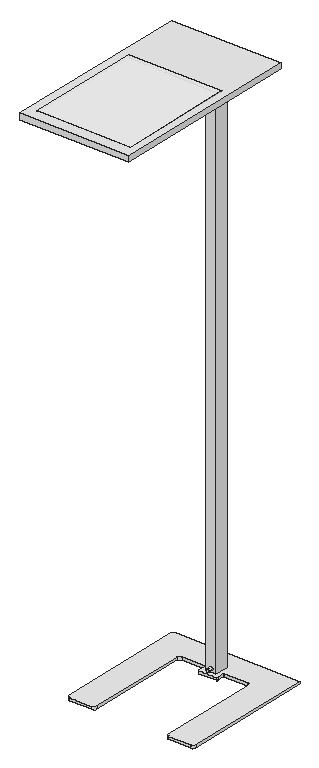
Revit family "0060784 Sylvania Lighting Fixture FREEOFFICE DIRECT INDIRECT 12KLM BLACK UK", category Lighting Fixtures, host Face, Revit 2016
Family settings
  Host = Face
  Part Type = Normal
  Round Connector Dimension = Use Diameter
  OmniClass Number = 23.80.70.11.17
  OmniClass Title = Specialized Lighting by Location or Use
  Cut with Voids When Loaded = No
  Light Source = Yes
  Shared = No
  Room Calculation Point = No
Parameters (values of type "0060784 FREEOFFICE D/I 12 BLACK UK")
  Weight = "22.8 kg"
  Wattage = 93 W
  WarrantyStartDate [instance] = "n/a"
  WarrantyGuarantorParts = "n/a"
  WarrantyDurationUnit = "n/a"
  WarrantyDurationParts = "n/a"
  WarrantyDescription = "n/a"
  built-in parameter 1150110 = 1 (stored number, unit not read)
  Voltage = 230 V
  TypeName = "FREEOFFICE DIRECT/INDIRECT 12KLM BLACK UK"
  built-in parameter 1114217 = 1 (stored number, unit not read)
  Tilt Angle = -90°
  built-in parameter 1150109 = 1 (stored number, unit not read)
  built-in parameter 1150134 = 12
  built-in parameter 1150113 = 1 (stored number, unit not read)
  SerialNumber [instance] = "n/a"
  Radius_FEILO = 165.0 mm
  URL = "http://www.sylvania-lighting.com"
  PowerFactor = 0.96
  PowerConsumption = "93 W"
  Photometric Web File = "0060784.ies"
  PIR_SYL = no
  NominalWidth = 0.0 mm
  NominalLength = 690.0 mm
  NominalHeight = 2030.0 mm
  Name = "FREEOFFICE DIRECT/INDIRECT 12KLM BLACK UK"
  ModelReference = "FREEOFFICE DIRECT/INDIRECT 12KLM BLACK UK"
  ModelNumber = "0060784"
  Material_3_SYL = Body-Sylvania-FreeOffice-BLK
  Material_2_SYL = Polycarbonate_Sylvania_Sylcircle_Opal
  Material_1_SYL = Body-Sylvania-FreeOffice-BLK
  Material = "head and pole : powder coated aluminium. stand: powder coated steel housing, pmma diffuser"
  ManufacturerName = "Feilo Sylvania"
  LuminousEfficacy = "131 lm/W"
  built-in parameter 1150105 = 3688.2 (stored number, unit not read)
  Lumens = 12183 lm
  LuminaireType = ""
  built-in parameter 1150115 = 1 (stored number, unit not read)
  LightOutputRatio = "n/a"
  built-in parameter 1150137 = (empty or 0)
  built-in parameter 1150139 = (empty or 0)
  LampsType = Lamp  # "LED"
  LampNominalLuminous = "12150 lm"
  LampMacAdamStep = "3"
  LampColourTemperature = "4000 K"
  LampColourRenderingIndex = "80"
  built-in parameter 1150112 = 1 (stored number, unit not read)
  built-in parameter 1150114 = 1 (stored number, unit not read)
  Keynote = "16500"
  InstallationDate [instance] = "n/a"
  InputVoltage = "220-240V~"
  InputNominalFrequency = "50/60 Hz"
  built-in parameter 1150132 = (empty or 0)
  built-in parameter 1150102 = (empty or 0)
  built-in parameter 1150107 = 4000 (stored number, unit not read)
  built-in parameter 1150138 = (empty or 0)
  IngressProtection = "IP20"
  ImpactProtectionIndex = "IK02"
  built-in parameter 1150106 = 36.882 (stored number, unit not read)
  IfcExportType = "IfcLightFixtureType"
  IfcExportAs = "IfcLightFixtureType"
  Height_FEILO = 96.0 mm
  ExpectedLife = 50000
  Emit from Rectangle Width = 340.1 mm
  Emit from Rectangle Length = 564.6 mm
  Emit Shape Visible in Rendering = no
  ElectricShockClassification = "Class I"
  built-in parameter 1150104 = 12.17 (stored number, unit not read)
  DurationUnit = "hours"
  DocumentationLiterature = "http://www.sylvania-lighting.com/product/en-int/products/0060784"
  DimmingControlOptions = "Dimmable"
  Dimming Lamp Color Temperature Shift = <None>
  Diameter_FEILO = 2 * Radius_FEILO  # 330.0 mm
  CreatedOn = "12/5/2018"
  CreatedBy = "@sylvania-lighting.com"
  Color Filter = 16777215
  built-in parameter 1114216 [instance] = 1 (stored number, unit not read)
  Model = "FREEOFFICE DIRECT/INDIRECT 12KLM BLACK UK"
  Manufacturer = "Feilo Sylvania"
  Lamp = "LED"
  Description = "FREEOFFICE DIRECT/INDIRECT 12KLM BLACK UK is a highly efficient free-standing floor lamp providing optimal illumination for single and twin workstations. 80% uplight and 20% downlight ratio for ambient and task lighting from a single luminaire. Microprismatic PMMA optics for advanced glare control. Black RAL9005 powder coated luminaire body. Aluminium head and pole for high-quality appearance, steel stand for higher stability. Luminaire dimensions: Head: 690x397x25mm, Stand: 480x460x16mm, Pole: 55x35x2030mm. Operated and dimmed with a push button located in the pole at a height suitable to be used with adjustable height desks. Up and downlight dims together. 4000K Neutral White LED, CRI>80, chromaticity tolerance: SDCM<3. Luminous flux: 12150lm. Power consumption 93W. Luminaire efficacy: 131lm/W. Lumen maintenance: L80B50=55000h. UGR<16, Luminance at 65°<3000 cd/m2. IK02, IP20. Photobiological safety risk group 0. Electrical protection: Class I. Glow wire test: 650°C. Supplied with 3m cable with BS 1363 plug."
  Default Elevation = 0.0 mm
  built-in parameter 1140040 [instance] = 1
  BarCode [instance] = "n/a"
  built-in parameter 1114218 = 1 (stored number, unit not read)
  built-in parameter 1150133 = 10 (stored number, unit not read)
  AssetType = "Fixed"
  AssetIdentifier [instance] = "n/a"
  Assembly Code = "D5020200"
  Apparent Load = 93 VA
Reference planes
  plane 1 "Center (Front/Back)": y = 0
  plane 2: z = 0
  plane 3 "Center (Left/Right)": x = 0
  plane 4: z = 2030
  plane 5: x = 230
  plane 6: x = -230
  plane 7: x = 18
  plane 8: x = -18
  plane 9: x = -198.5
  plane 10: x = 198.5
  plane 11: y = 25
  plane 12: y = -25
  plane 13: y = -390.174
  plane 14: y = 89.826
  plane 15: y = -645
  plane 16: y = 44
  plane 17: z = 9
  plane 18: z = 2010
  plane 19: y = -187.327
  plane 20: y = -603.8
  plane 21: x = -170.03
  plane 22: x = 170.03
  plane 23: y = -39.174
  plane 24: z = 2020
  plane 25: x = 130
  plane 26: x = -130
  plane 27: y = -10.174
  plane 28: x = 34
  plane 29: x = -34
  plane 30: y = -39.174
  plane 31: y = -321.487
  plane 32: z = 21
  plane 33: y = -624.4
  plane 34: z = 2009
Forms (mm)
  Extrusion 1, solid, material "Body-Sylvania-FreeOffice-BLK" <- "Material_1_SYL"
    sketch origin (-1380.213, -4572, 2010) x (-1, 0, 0) y (0, -1, 0)
      loop
        line (-1181.713, -3927) -> (-1578.713, -3927) -> (-1578.713, -4616) -> (-1181.713, -4616) -> (-1181.713, -3927)
    from 0 to 20
  Extrusion 2, void
    sketch origin (-1380.213, -4572, 2030) x (0, -1, 0) y (-1, 0, 0)
      loop
        line (-4384.673, -1210.183) -> (-4384.673, -1550.243) -> (-3968.2, -1550.243) -> (-3968.2, -1210.183) -> (-4384.673, -1210.183)
    from 0 to 20
  Extrusion 3, void
    sketch origin (-1380.213, -4572, 2010) x (0, -1, 0) y (-1, 0, 0)
      loop
        line (-3968.2, -1210.183) -> (-4532.826, -1210.183) -> (-4532.826, -1550.243) -> (-3968.2, -1550.243) -> (-3968.2, -1210.183)
    from 0 to -10
  Extrusion 4, solid, material "Body-Sylvania-FreeOffice-BLK" <- "Material_1_SYL"
    sketch origin (0, 0, 0) x (1, 0, 0) y (0, 1, 0)
      loop
        line (-230, 79.826) -> (-230, -380.174)
        arc (-230, -380.174) -> (-227.071, -387.245) -> (-220, -390.174) r 10
        line (-220, -390.174) -> (-140, -390.174)
        arc (-140, -390.174) -> (-132.929, -387.245) -> (-130, -380.174) r 10
        line (-130, -380.174) -> (-130, -20.174)
        arc (-130, -20.174) -> (-127.071, -13.103) -> (-120, -10.174) r 10
        line (-120, -10.174) -> (-36, -10.174)
        arc (-36, -10.174) -> (-34.586, -10.76) -> (-34, -12.174) r 2
        line (-34, -12.174) -> (-34, -37.174)
        arc (-34, -37.174) -> (-33.414, -38.588) -> (-32, -39.174) r 2
        line (-32, -39.174) -> (32, -39.174)
        arc (32, -39.174) -> (33.414, -38.588) -> (34, -37.174) r 2
        line (34, -37.174) -> (34, -12.174)
        arc (34, -12.174) -> (34.586, -10.76) -> (36, -10.174) r 2
        line (36, -10.174) -> (120, -10.174)
        arc (120, -10.174) -> (127.071, -13.103) -> (130, -20.174) r 10
        line (130, -20.174) -> (130, -380.174)
        arc (130, -380.174) -> (132.929, -387.245) -> (140, -390.174) r 10
        line (140, -390.174) -> (220, -390.174)
        arc (220, -390.174) -> (227.071, -387.245) -> (230, -380.174) r 10
        line (230, -380.174) -> (230, 89.826) -> (-220, 89.826)
        arc (-220, 89.826) -> (-227.071, 86.897) -> (-230, 79.826) r 10
    from 0 to 9
  Extrusion 5, solid, material "Body-Sylvania-FreeOffice-BLK" <- "Material_1_SYL"
    sketch origin (645.563, -4597, 9) x (0, -1, 0) y (-1, 0, 0)
      loop
        line (-4622, 663.563) -> (-4622, 627.563) -> (-4572, 627.563) -> (-4572, 663.563) -> (-4622, 663.563)
    from 0 to -2001
  Extrusion 6, solid, material "Body-Sylvania-FreeOffice-BLK" <- "Material_1_SYL"
    sketch origin (747.1, -25, 1219.2) x (1, 0, 0) y (0, 0, 1)
      loop
        circle (-747.1, -1198.2) r 5
    from 0 to 14.174
  Extrusion 7, solid, material "Polycarbonate_Sylvania_Sylcircle_Opal" <- "Material_2_SYL"
    sketch origin (-1380.213, -4572, 2030) x (-1, 0, 0) y (0, -1, 0)
      loop
        line (-1550.243, -3968.2) -> (-1550.243, -4384.673) -> (-1210.183, -4384.673) -> (-1210.183, -3968.2) -> (-1550.243, -3968.2)
    from 0 to -10
  Extrusion 8, solid, material "Polycarbonate_Sylvania_Sylcircle_Opal" <- "Material_2_SYL"
    sketch origin (-1380.213, -4572, 2010) x (-1, 0, 0) y (0, -1, 0)
      loop
        line (-1210.183, -4532.826) -> (-1210.183, -3968.2) -> (-1550.243, -3968.2) -> (-1550.243, -4532.826) -> (-1210.183, -4532.826)
    from 0 to 10
  Revolve 9, solid, material "Body-Sylvania-FreeOffice-BLK" <- "Material_3_SYL", visible <- "PIR_SYL"
    sketch origin (747.1, -624.4, 1219.2) x (1, 0, 0) y (0, 0, 1)
      loop
        line (-757.1, 789.8) -> (-754.426, 789.8)
        arc (-754.426, 789.8) -> (-751.007, 787.781) -> (-747.1, 787.079) r 11.221
        line (-747.1, 787.079) -> (-747.1, 790.8) -> (-757.1, 790.8) -> (-757.1, 789.8)
      axis (-747.1, 790.8) -> (-747.1, 787.079)
    angle from 0 to 360
Cuts and joins
  Extrusion 2, Extrusion 3 cuts Extrusion 1
Lines and regions (mm)
  reference lines
    curve 1: circle (0, 0, 21) r 5 normal (0, -1, 0)
    curve 2: circle (0, -624.4, 2010) r 10 normal (0, 0, 1)
Dimensions and locks
  equal spacing: plane 12, plane 1 "Center (Front/Back)", plane 11
  locked: plane 12 to plane 11 at 50
  equal spacing: plane 8, plane 3 "Center (Left/Right)", plane 7
  plane 8 to plane 7 = 36.0 mm
  equal spacing: plane 9, plane 3 "Center (Left/Right)", plane 10
  plane 9 to plane 10 = 397.0 mm
  equal spacing: plane 6, plane 3 "Center (Left/Right)", plane 5
  locked: plane 6 to plane 5 at 460
  locked: plane 4 to plane 2 at 2030
  locked: plane 13 to plane 1 "Center (Front/Back)" at 390.174
  locked: plane 13 to plane 14 at 480
  locked: plane 15 to plane 1 "Center (Front/Back)" at 645
  locked: plane 15 to plane 16 at 689
  locked: plane 17 to plane 2 at 9
  locked: plane 4 to plane 18 at 20
  locked: plane 19 to plane 1 "Center (Front/Back)" at 187.327
  locked: plane 20 to plane 19 at 416.473
  equal spacing: plane 21, plane 3 "Center (Left/Right)", plane 22
  plane 21 to plane 22 = 340.059 mm
  locked: plane 20 to plane 23 at 564.626
  equal spacing: plane 4, plane 24, plane 18
  equal spacing: plane 26, plane 3 "Center (Left/Right)", plane 25
  locked: plane 26 to plane 25 at 260
  locked: plane 27 to plane 14 at 100
  equal spacing: plane 29, plane 3 "Center (Left/Right)", plane 28
  locked: plane 29 to plane 28 at 68
  locked: plane 30 to plane 27 at 29
  equal spacing: plane 20, plane 31, plane 23
  locked: plane 32 to host face at 21
  equal spacing: plane 15, plane 33, plane 20
  locked: Revolve 9 sketch curve to plane 18 at 7.5
  locked: plane 18 to plane 34 at 1
  radius of curve 2 = 10.0 mm
  aligned and locked: plane 2 to host face
  aligned and locked: level to host face
  aligned and locked: plane 15 to Extrusion 1 sketch curve
  aligned and locked: Extrusion 1 sketch curve to plane 9
  aligned and locked: Extrusion 1 sketch curve to plane 16
  aligned and locked: plane 10 to Extrusion 1 sketch curve
  aligned and locked: plane 4 to Extrusion 1
  aligned and locked: Extrusion 1 to plane 18
  aligned and locked: Extrusion 2 sketch curve to plane 19
  aligned and locked: plane 20 to Extrusion 2 sketch curve
  aligned and locked: Extrusion 2 to plane 18
  aligned and locked: plane 4 to Extrusion 2
  aligned and locked: plane 21 to Extrusion 2 sketch curve
  aligned and locked: plane 22 to Extrusion 2 sketch curve
  aligned and locked: Extrusion 3 sketch curve to cut or joined group of Extrusion 1, Extrusion 2, Extrusion 3  (x2)
  aligned and locked: plane 23 to Extrusion 3 sketch curve
  aligned and locked: plane 22 to Extrusion 3 sketch curve
  aligned and locked: Extrusion 3 to plane 18
  aligned and locked: plane 24 to Extrusion 3
  aligned and locked: Extrusion 4 sketch curve to plane 14
  aligned and locked: Extrusion 4 sketch curve to plane 6
  aligned and locked: plane 13 to Extrusion 4 sketch curve  (x2)
  aligned and locked: Extrusion 4 sketch curve to plane 26
  aligned and locked: Extrusion 4 sketch curve to plane 25
  aligned and locked: plane 5 to Extrusion 4 sketch curve
  aligned and locked: plane 29 to Extrusion 4 sketch curve
  aligned and locked: plane 30 to Extrusion 4 sketch curve
  aligned and locked: Extrusion 4 sketch curve to plane 28
  aligned and locked: Extrusion 4 sketch curve to plane 27
  aligned and locked: Extrusion 4 to plane 17
  aligned and locked: Extrusion 4 to level
  aligned and locked: Extrusion 5 sketch curve to plane 8
  aligned and locked: plane 7 to Extrusion 5 sketch curve
  aligned and locked: plane 18 to Extrusion 5
  aligned and locked: plane 11 to Extrusion 5 sketch curve
  aligned and locked: Extrusion 5 sketch curve to plane 12
  aligned and locked: plane 24 to imposter light
  aligned and locked: imposter light to plane 3 "Center (Left/Right)"
  aligned and locked: imposter light to plane 31
  aligned and locked: Extrusion 6 sketch curve to curve 1
  aligned and locked: Extrusion 6 to plane 12
  aligned and locked: Extrusion 6 to cut or joined group of Extrusion 1, Extrusion 2, Extrusion 3
  aligned and locked: Extrusion 7 sketch curve to cut or joined group of Extrusion 1, Extrusion 2, Extrusion 3  (x4)
  aligned and locked: Extrusion 7 to plane 4
  aligned and locked: Extrusion 7 to cut or joined group of Extrusion 1, Extrusion 2, Extrusion 3
  aligned and locked: Extrusion 8 sketch curve to cut or joined group of Extrusion 1, Extrusion 2, Extrusion 3  (x4)
  aligned and locked: Extrusion 8 to cut or joined group of Extrusion 1, Extrusion 2, Extrusion 3
  aligned and locked: Extrusion 8 to plane 18
  aligned and locked: plane 3 "Center (Left/Right)" to curve 2
  aligned and locked: plane 33 to curve 2
  aligned and locked: plane 3 "Center (Left/Right)" to Revolve 9 sketch curve  (x2)
  aligned and locked: Revolve 9 sketch curve to plane 3 "Center (Left/Right)"
  aligned and locked: Revolve 9 sketch curve to plane 34
Automatic sketch dimensions
  host sketch curve to host sketch curve = 1305.563 mm
  host sketch curve to host sketch curve = 1283.632 mm
  plane 27 to Extrusion 4 sketch curve = 0.0 mm
  plane 6 to Extrusion 4 sketch curve = 10.0 mm  (x2)
  Extrusion 4 sketch curve to plane 13 = 10.0 mm
  Extrusion 4 sketch curve to plane 26 = 10.0 mm
  Extrusion 4 sketch curve to Extrusion 4 sketch curve = 2.0 mm
  plane 29 to Extrusion 4 sketch curve = 2.0 mm
  Extrusion 4 sketch curve to plane 28 = 2.0 mm
  plane 28 to Extrusion 4 sketch curve = 2.0 mm
  Extrusion 4 sketch curve to plane 25 = 10.0 mm
  Extrusion 4 sketch curve to Extrusion 4 sketch curve = 10.0 mm
  Extrusion 4 sketch curve to plane 5 = 10.0 mm
  curve 1 to plane 3 "Center (Left/Right)" = 0.0 mm
  curve 1 to plane 32 = 0.0 mm
  Revolve 9 sketch curve to plane 18 = 0.0 mm
  Revolve 9 sketch curve to plane 3 "Center (Left/Right)" = 7.326 mm
  Revolve 9 sketch curve to Revolve 9 sketch curve = 2.674 mm
  Revolve 9 sketch curve to level = 94.652 mm
  plane 4 to Revolve 9 sketch curve = 432.257 mm
  radius of curve 1 = 5.0 mm
Connectors
  electrical at (0, -39.174, 21), driven by "PowerFactor", driven by "Voltage", driven by "Apparent Load", driven by "Apparent Load"
    settings: on Extrusion 6, index 1, voltage 230 V, apparent load 93 VA, apparent load phase1 93 VA, apparent load phase2 0 VA, apparent load phase3 0 VA, power factor 0.96, load classification "Other", number of poles 1, system type 30, power factor state 1, is connector primary yes, connector utility no, sub classification motor no, connector description ""
